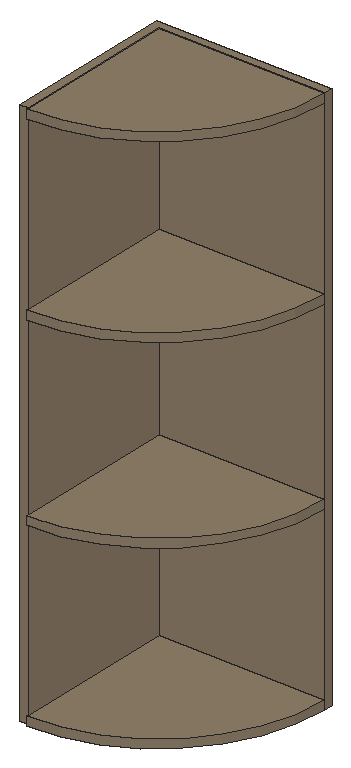
Revit family "Кухня верхние угловые полки", category Мебель, Revit 2019
Family settings
  Номер OmniClass = 23.40.20.00
  Заголовок OmniClass = General Furniture and Specialties
  На основе рабочей плоскости = Нет
  Всегда вертикально = Да
  При загрузке вырезать с полостями = Нет
  Общий = Нет
  Точка расчета площади = Нет
Parameters
  Полки 3шт.  ширина 300мм [instance] = yes
  Полки 3шт.  ширина 250мм [instance] = no
  Полки 3шт.  ширина 200мм [instance] = no
  Полки 3шт.  ширина 150мм [instance] = no
  Полки 3шт.  ширина 100мм [instance] = no
  Полки 2шт.  ширина 300мм [instance] = no
  Полки 2шт.  ширина 250мм [instance] = no
  Полки 2шт.  ширина 200мм [instance] = no
  Полки 2шт.  ширина 150мм [instance] = no
  Полки 2шт.  ширина 100мм [instance] = no
  Материал корпус = Материал корпус кухни
  Изготовитель = "Литвинчук Артур"
  Высота [instance] = 950 mm
  URL = "lytvynchukartur@gmail.com"
Reference planes
  plane 1 "По центру (Вперед/Назад)": y = 0
  plane 2: z = 0
  plane 3 "По центру (Влево/Вправо)": x = 0
  plane 4: x = 15
  plane 5: y = -15
  plane 6: x = 300
  plane 7: y = -295
  plane 8: z = 1460
  plane 9: z = 2410
  plane 10: z = 1475
  plane 11: z = 2395
  plane 12: z = 1935
  plane 13: z = 1927.5
  plane 14: z = 1942.5
  plane 15: z = 1776.667
  plane 16: z = 2093.333
  plane 17: z = 1769.167
  plane 18: z = 1784.167
  plane 19: z = 2085.833
  plane 20: z = 2100.833
  plane 21: x = 250
  plane 22: x = 200
  plane 23: x = 150
  plane 24: x = 100
Forms (mm)
  Extrusion 1, solid, material "Материал корпус кухни" <- "Материал корпус", visible <- "Полки 3шт.  ширина 300мм"
    sketch origin (0, 0, 0) x (1, 0, 0) y (0, 1, 0)
      loop
        line (0, 0) -> (0, -295) -> (15, -295) -> (15, -15) -> (300, -15) -> (300, 0) -> (0, 0)
    from 1460 to 2410
  Extrusion 2, solid, material "Материал корпус кухни" <- "Материал корпус", visible <- "Полки 3шт.  ширина 300мм"
    sketch origin (0, 0, 0) x (1, 0, 0) y (0, 1, 0)
      loop
        line (15, -15) -> (15, -300)
        arc (15, -300) -> (216.525, -216.525) -> (300, -15) r 285
        line (300, -15) -> (15, -15)
    from 1460 to 1475
  Extrusion 3, solid, material "Материал корпус кухни" <- "Материал корпус", visible <- "Полки 3шт.  ширина 300мм"
    sketch origin (-15, 0, 0) x (1, 0, 0) y (0, 1, 0)
      loop
        line (30, -15) -> (30, -299.598)
        arc (30, -299.598) -> (231.241, -216.241) -> (314.598, -15) r 284.598
        line (314.598, -15) -> (30, -15)
    from 2395 to 2410
  Extrusion 4, solid, material "Материал корпус кухни" <- "Материал корпус", visible <- "Полки 2шт.  ширина 300мм"
    sketch origin (0, 0, 0) x (1, 0, 0) y (0, 1, 0)
      loop
        line (15, -15) -> (15, -300)
        arc (15, -300) -> (216.525, -216.525) -> (300, -15) r 285
        line (300, -15) -> (15, -15)
    from 1927.5 to 1942.5
  Extrusion 5, solid, material "Материал корпус кухни" <- "Материал корпус", visible <- "Полки 3шт.  ширина 300мм"
    sketch origin (0, 0, 0) x (1, 0, 0) y (0, 1, 0)
      loop
        line (15, -15) -> (15, -300)
        arc (15, -300) -> (216.525, -216.525) -> (300, -15) r 285
        line (300, -15) -> (15, -15)
    from 2085.833 to 2100.833
  Extrusion 6, solid, material "Материал корпус кухни" <- "Материал корпус", visible <- "Полки 3шт.  ширина 300мм"
    sketch origin (0, 0, 0) x (1, 0, 0) y (0, 1, 0)
      loop
        line (15, -15) -> (15, -300)
        arc (15, -300) -> (216.525, -216.525) -> (300, -15) r 285
        line (300, -15) -> (15, -15)
    from 1769.167 to 1784.167
  Extrusion 7, solid, material "Материал корпус кухни" <- "Материал корпус", visible <- "Полки 2шт.  ширина 300мм"
    sketch origin (0, 0, 0) x (1, 0, 0) y (0, 1, 0)
      loop
        line (0, 0) -> (0, -295) -> (15, -295) -> (15, -15) -> (300, -15) -> (300, 0) -> (0, 0)
    from 1460 to 2410
  Extrusion 8, solid, material "Материал корпус кухни" <- "Материал корпус", visible <- "Полки 2шт.  ширина 300мм"
    sketch origin (0, 0, 0) x (1, 0, 0) y (0, 1, 0)
      loop
        line (15, -15) -> (15, -300)
        arc (15, -300) -> (216.525, -216.525) -> (300, -15) r 285
        line (300, -15) -> (15, -15)
    from 1460 to 1475
  Extrusion 9, solid, material "Материал корпус кухни" <- "Материал корпус", visible <- "Полки 2шт.  ширина 300мм"
    sketch origin (-15, 0, 0) x (1, 0, 0) y (0, 1, 0)
      loop
        line (30, -15) -> (30, -299.598)
        arc (30, -299.598) -> (231.241, -216.241) -> (314.598, -15) r 284.598
        line (314.598, -15) -> (30, -15)
    from 2395 to 2410
  Extrusion 10, solid, material "Материал корпус кухни" <- "Материал корпус", visible <- "Полки 2шт.  ширина 250мм"
    sketch origin (0, 0, 0) x (1, 0, 0) y (0, 1, 0)
      loop
        line (0, 0) -> (0, -295) -> (15, -295) -> (15, -15) -> (250, -15) -> (250, 0) -> (0, 0)
    from 1460 to 2410
  Extrusion 11, solid, material "Материал корпус кухни" <- "Материал корпус", visible <- "Полки 2шт.  ширина 250мм"
    sketch origin (0, 0, 0) x (1, 0, 0) y (0, 1, 0)
      loop
        line (15, -15) -> (15, -295)
        arc (15, -295) -> (187.558, -201.209) -> (250, -15) r 268.316
        line (250, -15) -> (15, -15)
    from 1460 to 1475
  Extrusion 12, solid, material "Материал корпус кухни" <- "Материал корпус", visible <- "Полки 2шт.  ширина 250мм"
    sketch origin (0, 0, 0) x (1, 0, 0) y (0, 1, 0)
      loop
        line (15, -15) -> (15, -295)
        arc (15, -295) -> (187.558, -201.209) -> (250, -15) r 268.316
        line (250, -15) -> (15, -15)
    from 2395 to 2410
  Extrusion 13, solid, material "Материал корпус кухни" <- "Материал корпус", visible <- "Полки 2шт.  ширина 250мм"
    sketch origin (0, 0, 0) x (1, 0, 0) y (0, 1, 0)
      loop
        line (15, -15) -> (15, -295)
        arc (15, -295) -> (187.558, -201.209) -> (250, -15) r 268.316
        line (250, -15) -> (15, -15)
    from 1927.5 to 1942.5
  Extrusion 14, solid, material "Материал корпус кухни" <- "Материал корпус", visible <- "Полки 3шт.  ширина 250мм"
    sketch origin (0, 0, 0) x (1, 0, 0) y (0, 1, 0)
      loop
        line (0, 0) -> (0, -295) -> (15, -295) -> (15, -15) -> (250, -15) -> (250, 0) -> (0, 0)
    from 1460 to 2410
  Extrusion 15, solid, material "Материал корпус кухни" <- "Материал корпус", visible <- "Полки 3шт.  ширина 250мм"
    sketch origin (0, 0, 0) x (1, 0, 0) y (0, 1, 0)
      loop
        line (15, -15) -> (15, -295)
        arc (15, -295) -> (187.558, -201.209) -> (250, -15) r 268.316
        line (250, -15) -> (15, -15)
    from 1460 to 1475
  Extrusion 16, solid, material "Материал корпус кухни" <- "Материал корпус", visible <- "Полки 3шт.  ширина 250мм"
    sketch origin (0, 0, 0) x (1, 0, 0) y (0, 1, 0)
      loop
        line (15, -15) -> (15, -295)
        arc (15, -295) -> (187.558, -201.209) -> (250, -15) r 268.316
        line (250, -15) -> (15, -15)
    from 1769.167 to 1784.167
  Extrusion 17, solid, material "Материал корпус кухни" <- "Материал корпус", visible <- "Полки 3шт.  ширина 250мм"
    sketch origin (0, 0, 0) x (1, 0, 0) y (0, 1, 0)
      loop
        line (15, -15) -> (15, -295)
        arc (15, -295) -> (187.558, -201.209) -> (250, -15) r 268.316
        line (250, -15) -> (15, -15)
    from 2395 to 2410
  Extrusion 18, solid, material "Материал корпус кухни" <- "Материал корпус", visible <- "Полки 3шт.  ширина 250мм"
    sketch origin (0, 0, 0) x (1, 0, 0) y (0, 1, 0)
      loop
        line (15, -15) -> (15, -295)
        arc (15, -295) -> (187.558, -201.209) -> (250, -15) r 268.316
        line (250, -15) -> (15, -15)
    from 2085.833 to 2100.833
  Extrusion 19, solid, material "Материал корпус кухни" <- "Материал корпус", visible <- "Полки 3шт.  ширина 200мм"
    sketch origin (0, 0, 0) x (1, 0, 0) y (0, 1, 0)
      loop
        line (0, 0) -> (0, -295) -> (15, -295) -> (15, -15) -> (200, -15) -> (200, 0) -> (0, 0)
    from 1460 to 2410
  Extrusion 20, solid, material "Материал корпус кухни" <- "Материал корпус", visible <- "Полки 3шт.  ширина 200мм"
    sketch origin (0, 0, 0) x (1, 0, 0) y (0, 1, 0)
      loop
        line (15, -15) -> (15, -295)
        arc (15, -295) -> (145.815, -240.815) -> (200, -110) r 185
        line (200, -110) -> (200, -15) -> (15, -15)
    from 1460 to 1475
  Extrusion 21, solid, material "Материал корпус кухни" <- "Материал корпус", visible <- "Полки 3шт.  ширина 200мм"
    sketch origin (0, 0, 0) x (1, 0, 0) y (0, 1, 0)
      loop
        line (15, -15) -> (15, -295)
        arc (15, -295) -> (145.815, -240.815) -> (200, -110) r 185
        line (200, -110) -> (200, -15) -> (15, -15)
    from 2395 to 2410
  Extrusion 22, solid, material "Материал корпус кухни" <- "Материал корпус", visible <- "Полки 3шт.  ширина 200мм"
    sketch origin (0, 0, 0) x (1, 0, 0) y (0, 1, 0)
      loop
        line (15, -15) -> (15, -295)
        arc (15, -295) -> (145.815, -240.815) -> (200, -110) r 185
        line (200, -110) -> (200, -15) -> (15, -15)
    from 1769.167 to 1784.167
  Extrusion 23, solid, material "Материал корпус кухни" <- "Материал корпус", visible <- "Полки 3шт.  ширина 200мм"
    sketch origin (0, 0, 0) x (1, 0, 0) y (0, 1, 0)
      loop
        line (15, -15) -> (15, -295)
        arc (15, -295) -> (145.815, -240.815) -> (200, -110) r 185
        line (200, -110) -> (200, -15) -> (15, -15)
    from 2085.833 to 2100.833
  Extrusion 24, solid, material "Материал корпус кухни" <- "Материал корпус", visible <- "Полки 2шт.  ширина 200мм"
    sketch origin (0, 0, 0) x (1, 0, 0) y (0, 1, 0)
      loop
        line (0, 0) -> (0, -295) -> (15, -295) -> (15, -15) -> (200, -15) -> (200, 0) -> (0, 0)
    from 1460 to 2410
  Extrusion 25, solid, material "Материал корпус кухни" <- "Материал корпус", visible <- "Полки 2шт.  ширина 200мм"
    sketch origin (0, 0, 0) x (1, 0, 0) y (0, 1, 0)
      loop
        line (15, -15) -> (15, -295)
        arc (15, -295) -> (145.815, -240.815) -> (200, -110) r 185
        line (200, -110) -> (200, -15) -> (15, -15)
    from 1460 to 1475
  Extrusion 26, solid, material "Материал корпус кухни" <- "Материал корпус", visible <- "Полки 2шт.  ширина 200мм"
    sketch origin (0, 0, 0) x (1, 0, 0) y (0, 1, 0)
      loop
        line (15, -15) -> (15, -295)
        arc (15, -295) -> (145.815, -240.815) -> (200, -110) r 185
        line (200, -110) -> (200, -15) -> (15, -15)
    from 2395 to 2410
  Extrusion 27, solid, material "Материал корпус кухни" <- "Материал корпус", visible <- "Полки 2шт.  ширина 200мм"
    sketch origin (0, 0, 0) x (1, 0, 0) y (0, 1, 0)
      loop
        line (15, -15) -> (15, -295)
        arc (15, -295) -> (145.815, -240.815) -> (200, -110) r 185
        line (200, -110) -> (200, -15) -> (15, -15)
    from 1927.5 to 1942.5
  Extrusion 28, solid, material "Материал корпус кухни" <- "Материал корпус", visible <- "Полки 3шт.  ширина 150мм"
    sketch origin (0, 0, 0) x (1, 0, 0) y (0, 1, 0)
      loop
        line (0, 0) -> (0, -295) -> (15, -295) -> (15, -15) -> (150, -15) -> (150, 0) -> (0, 0)
    from 1460 to 2410
  Extrusion 29, solid, material "Материал корпус кухни" <- "Материал корпус", visible <- "Полки 3шт.  ширина 150мм"
    sketch origin (0, 0, 0) x (1, 0, 0) y (0, 1, 0)
      loop
        line (15, -15) -> (15, -295)
        arc (15, -295) -> (111.555, -242.275) -> (150, -139.199) r 157.404
        line (150, -139.199) -> (150, -15) -> (15, -15)
    from 1460 to 1475
  Extrusion 30, solid, material "Материал корпус кухни" <- "Материал корпус", visible <- "Полки 3шт.  ширина 150мм"
    sketch origin (0, 0, 0) x (1, 0, 0) y (0, 1, 0)
      loop
        line (15, -15) -> (15, -295)
        arc (15, -295) -> (111.555, -242.275) -> (150, -139.199) r 157.404
        line (150, -139.199) -> (150, -15) -> (15, -15)
    from 2395 to 2410
  Extrusion 31, solid, material "Материал корпус кухни" <- "Материал корпус", visible <- "Полки 3шт.  ширина 150мм"
    sketch origin (0, 0, 0) x (1, 0, 0) y (0, 1, 0)
      loop
        line (15, -15) -> (15, -295)
        arc (15, -295) -> (111.555, -242.275) -> (150, -139.199) r 157.404
        line (150, -139.199) -> (150, -15) -> (15, -15)
    from 2085.833 to 2100.833
  Extrusion 32, solid, material "Материал корпус кухни" <- "Материал корпус", visible <- "Полки 3шт.  ширина 150мм"
    sketch origin (0, 0, 0) x (1, 0, 0) y (0, 1, 0)
      loop
        line (15, -15) -> (15, -295)
        arc (15, -295) -> (111.555, -242.275) -> (150, -139.199) r 157.404
        line (150, -139.199) -> (150, -15) -> (15, -15)
    from 1769.167 to 1784.167
  Extrusion 33, solid, material "Материал корпус кухни" <- "Материал корпус", visible <- "Полки 2шт.  ширина 150мм"
    sketch origin (0, 0, 0) x (1, 0, 0) y (0, 1, 0)
      loop
        line (0, 0) -> (0, -295) -> (15, -295) -> (15, -15) -> (150, -15) -> (150, 0) -> (0, 0)
    from 1460 to 2410
  Extrusion 34, solid, material "Материал корпус кухни" <- "Материал корпус", visible <- "Полки 2шт.  ширина 150мм"
    sketch origin (0, 0, 0) x (1, 0, 0) y (0, 1, 0)
      loop
        line (15, -15) -> (15, -295)
        arc (15, -295) -> (111.555, -242.275) -> (150, -139.199) r 157.404
        line (150, -139.199) -> (150, -15) -> (15, -15)
    from 1460 to 1475
  Extrusion 35, solid, material "Материал корпус кухни" <- "Материал корпус", visible <- "Полки 2шт.  ширина 150мм"
    sketch origin (0, 0, 0) x (1, 0, 0) y (0, 1, 0)
      loop
        line (15, -15) -> (15, -295)
        arc (15, -295) -> (111.555, -242.275) -> (150, -139.199) r 157.404
        line (150, -139.199) -> (150, -15) -> (15, -15)
    from 2395 to 2410
  Extrusion 36, solid, material "Материал корпус кухни" <- "Материал корпус", visible <- "Полки 2шт.  ширина 150мм"
    sketch origin (0, 0, 0) x (1, 0, 0) y (0, 1, 0)
      loop
        line (15, -15) -> (15, -295)
        arc (15, -295) -> (111.555, -242.275) -> (150, -139.199) r 157.404
        line (150, -139.199) -> (150, -15) -> (15, -15)
    from 1927.5 to 1942.5
  Extrusion 37, solid, material "Материал корпус кухни" <- "Материал корпус", visible <- "Полки 3шт.  ширина 100мм"
    sketch origin (0, 0, 0) x (1, 0, 0) y (0, 1, 0)
      loop
        line (0, 0) -> (0, -295) -> (15, -295) -> (15, -15) -> (100, -15) -> (100, 0) -> (0, 0)
    from 1460 to 2410
  Extrusion 38, solid, material "Материал корпус кухни" <- "Материал корпус", visible <- "Полки 3шт.  ширина 100мм"
    sketch origin (0, 0, 0) x (1, 0, 0) y (0, 1, 0)
      loop
        line (15, -15) -> (15, -295)
        arc (15, -295) -> (76.864, -242.661) -> (100, -165) r 141.912
        line (100, -165) -> (100, -15) -> (15, -15)
    from 1460 to 1475
  Extrusion 39, solid, material "Материал корпус кухни" <- "Материал корпус", visible <- "Полки 3шт.  ширина 100мм"
    sketch origin (0, 0, 0) x (1, 0, 0) y (0, 1, 0)
      loop
        line (15, -15) -> (15, -295)
        arc (15, -295) -> (76.864, -242.661) -> (100, -165) r 141.912
        line (100, -165) -> (100, -15) -> (15, -15)
    from 2085.833 to 2100.833
  Extrusion 40, solid, material "Материал корпус кухни" <- "Материал корпус", visible <- "Полки 3шт.  ширина 100мм"
    sketch origin (0, 0, 0) x (1, 0, 0) y (0, 1, 0)
      loop
        line (15, -15) -> (15, -295)
        arc (15, -295) -> (76.864, -242.661) -> (100, -165) r 141.912
        line (100, -165) -> (100, -15) -> (15, -15)
    from 2395 to 2410
  Extrusion 41, solid, material "Материал корпус кухни" <- "Материал корпус", visible <- "Полки 3шт.  ширина 100мм"
    sketch origin (0, 0, 0) x (1, 0, 0) y (0, 1, 0)
      loop
        line (15, -15) -> (15, -295)
        arc (15, -295) -> (76.864, -242.661) -> (100, -165) r 141.912
        line (100, -165) -> (100, -15) -> (15, -15)
    from 1769.167 to 1784.167
  Extrusion 42, solid, material "Материал корпус кухни" <- "Материал корпус", visible <- "Полки 2шт.  ширина 100мм"
    sketch origin (0, 0, 0) x (1, 0, 0) y (0, 1, 0)
      loop
        line (0, 0) -> (0, -295) -> (15, -295) -> (15, -15) -> (100, -15) -> (100, 0) -> (0, 0)
    from 1460 to 2410
  Extrusion 43, solid, material "Материал корпус кухни" <- "Материал корпус", visible <- "Полки 2шт.  ширина 100мм"
    sketch origin (0, 0, 0) x (1, 0, 0) y (0, 1, 0)
      loop
        line (15, -15) -> (15, -295)
        arc (15, -295) -> (76.864, -242.661) -> (100, -165) r 141.912
        line (100, -165) -> (100, -15) -> (15, -15)
    from 1460 to 1475
  Extrusion 44, solid, material "Материал корпус кухни" <- "Материал корпус", visible <- "Полки 2шт.  ширина 100мм"
    sketch origin (0, 0, 0) x (1, 0, 0) y (0, 1, 0)
      loop
        line (15, -15) -> (15, -295)
        arc (15, -295) -> (76.864, -242.661) -> (100, -165) r 141.912
        line (100, -165) -> (100, -15) -> (15, -15)
    from 2395 to 2410
  Extrusion 45, solid, material "Материал корпус кухни" <- "Материал корпус", visible <- "Полки 2шт.  ширина 100мм"
    sketch origin (0, 0, 0) x (1, 0, 0) y (0, 1, 0)
      loop
        line (15, -15) -> (15, -295)
        arc (15, -295) -> (76.864, -242.661) -> (100, -165) r 141.912
        line (100, -165) -> (100, -15) -> (15, -15)
    from 1927.5 to 1942.5
Dimensions and locks
  plane 1 "По центру (Вперед/Назад)" to plane 5 to plane 7 = 15 mm, 280 mm locked
  plane 3 "По центру (Влево/Вправо)" to plane 4 to plane 6 = 15 mm, 285 mm
  "Высота": plane 9 to plane 8
  locked: plane 10 to plane 8 at 15
  locked: plane 9 to plane 11 at 15
  equal spacing: plane 9, plane 12, plane 8
  plane 14 to plane 12 to plane 13 = 7.5 mm locked, 7.5 mm locked
  equal spacing: plane 9, plane 16, plane 15, plane 8
  plane 18 to plane 15 to plane 17 = 7.5 mm locked, 7.5 mm locked
  plane 20 to plane 16 to plane 19 = 7.5 mm locked, 7.5 mm locked
  aligned and locked: level to plane 2
  aligned and locked: Extrusion 1 to plane 3 "По центру (Влево/Вправо)"
  aligned and locked: Extrusion 1 to plane 1 "По центру (Вперед/Назад)"
  aligned and locked: Extrusion 1 to plane 5
  aligned and locked: plane 4 to Extrusion 1
  aligned and locked: plane 6 to Extrusion 1
  aligned and locked: Extrusion 1 to plane 7
  aligned and locked: Extrusion 1 to plane 8
  aligned and locked: plane 9 to Extrusion 1
  aligned and locked: Extrusion 2 sketch curve to plane 5
  aligned and locked: plane 4 to Extrusion 2 sketch curve
  aligned and locked: Extrusion 2 to plane 8
  aligned and locked: plane 10 to Extrusion 2
  aligned and locked: Extrusion 1 to Extrusion 3
  aligned and locked: Extrusion 3 to plane 11
  aligned and locked: Extrusion 4 to plane 14
  aligned and locked: Extrusion 4 to plane 13
  aligned and locked: Extrusion 6 to plane 17
  aligned and locked: Extrusion 6 to plane 18
  aligned and locked: Extrusion 5 to plane 20
  aligned and locked: Extrusion 5 to plane 19
  aligned and locked: Extrusion 7 to plane 8
  aligned and locked: plane 9 to Extrusion 7
  aligned and locked: Extrusion 9 to plane 11
  aligned and locked: plane 9 to Extrusion 9
  aligned and locked: plane 10 to Extrusion 8
  aligned and locked: Extrusion 8 to plane 8
  aligned and locked: plane 10 to Extrusion 11
  aligned and locked: Extrusion 11 to plane 8
  aligned and locked: plane 9 to Extrusion 12
  aligned and locked: Extrusion 12 to plane 11
  aligned and locked: Extrusion 13 to plane 13
  aligned and locked: Extrusion 13 to plane 14
  aligned and locked: plane 9 to Extrusion 10
  aligned and locked: Extrusion 10 to plane 8
  aligned and locked: plane 9 to Extrusion 14
  aligned and locked: Extrusion 14 to plane 8
  aligned and locked: plane 10 to Extrusion 15
  aligned and locked: Extrusion 15 to plane 8
  aligned and locked: plane 9 to Extrusion 17
  aligned and locked: Extrusion 17 to plane 11
  aligned and locked: Extrusion 18 to plane 20
  aligned and locked: Extrusion 18 to plane 19
  aligned and locked: Extrusion 16 to plane 18
  aligned and locked: Extrusion 16 to plane 17
  aligned and locked: plane 22 to Extrusion 19
  aligned and locked: plane 9 to Extrusion 19
  aligned and locked: Extrusion 19 to plane 8
  aligned and locked: plane 10 to Extrusion 20
  aligned and locked: Extrusion 20 to plane 8
  aligned and locked: plane 9 to Extrusion 21
  aligned and locked: Extrusion 21 to plane 11
  aligned and locked: Extrusion 22 to plane 17
  aligned and locked: Extrusion 22 to plane 18
  aligned and locked: Extrusion 23 to plane 19
  aligned and locked: Extrusion 23 to plane 20
  aligned and locked: Extrusion 27 to plane 14
  aligned and locked: Extrusion 27 to plane 13
  aligned and locked: plane 9 to Extrusion 24
  aligned and locked: Extrusion 24 to plane 8
  aligned and locked: plane 10 to Extrusion 25
  aligned and locked: Extrusion 25 to plane 8
  aligned and locked: plane 9 to Extrusion 26
  aligned and locked: Extrusion 26 to plane 11
  aligned and locked: plane 23 to Extrusion 28
  aligned and locked: Extrusion 28 to plane 8
  aligned and locked: plane 9 to Extrusion 28
  aligned and locked: plane 9 to Extrusion 30
  aligned and locked: Extrusion 30 to plane 11
  aligned and locked: Extrusion 29 to plane 8
  aligned and locked: plane 10 to Extrusion 29
  aligned and locked: Extrusion 31 to plane 20
  aligned and locked: Extrusion 31 to plane 19
  aligned and locked: Extrusion 32 to plane 17
  aligned and locked: Extrusion 32 to plane 18
  aligned and locked: Extrusion 36 to plane 13
  aligned and locked: Extrusion 36 to plane 14
  aligned and locked: plane 10 to Extrusion 34
  aligned and locked: Extrusion 34 to plane 8
  aligned and locked: plane 9 to Extrusion 35
  aligned and locked: Extrusion 35 to plane 11
  aligned and locked: Extrusion 33 to plane 8
  aligned and locked: plane 9 to Extrusion 33
  aligned and locked: plane 24 to Extrusion 37
  aligned and locked: plane 9 to Extrusion 37
  aligned and locked: Extrusion 37 to plane 8
  aligned and locked: Extrusion 38 to plane 8
  aligned and locked: plane 10 to Extrusion 38
  aligned and locked: plane 9 to Extrusion 40
  aligned and locked: Extrusion 40 to plane 11
  aligned and locked: Extrusion 41 to plane 18
  aligned and locked: Extrusion 41 to plane 17
  aligned and locked: Extrusion 39 to plane 20
  aligned and locked: Extrusion 39 to plane 19
  aligned and locked: Extrusion 42 to plane 8
  aligned and locked: plane 9 to Extrusion 42
  aligned and locked: plane 9 to Extrusion 44
  aligned and locked: Extrusion 44 to plane 11
  aligned and locked: plane 10 to Extrusion 43
  aligned and locked: Extrusion 43 to plane 8
  aligned and locked: Extrusion 45 to plane 14
  aligned and locked: Extrusion 45 to plane 13
Automatic sketch dimensions
  plane 1 "По центру (Вперед/Назад)" to Extrusion 1 sketch curve = 0 mm
  Extrusion 1 sketch curve to plane 3 "По центру (Влево/Вправо)" = 0 mm
  Extrusion 1 sketch curve to plane 4 = 0 mm
  Extrusion 1 sketch curve to plane 6 = 0 mm
  Extrusion 1 sketch curve to plane 7 = 0 mm
  Extrusion 1 sketch curve to plane 5 = 0 mm
  Extrusion 2 sketch curve to plane 6 = 0 mm
  Extrusion 3 sketch curve to plane 4 = 0 mm
  Extrusion 3 sketch curve to plane 5 = 0 mm
  Extrusion 3 sketch curve to plane 6 = 0.402 mm
  Extrusion 4 sketch curve to plane 4 = 0 mm
  Extrusion 4 sketch curve to plane 5 = 0 mm
  Extrusion 4 sketch curve to plane 6 = 0 mm
  Extrusion 5 sketch curve to plane 4 = 0 mm
  Extrusion 5 sketch curve to plane 5 = 0 mm
  Extrusion 5 sketch curve to plane 6 = 0 mm
  Extrusion 6 sketch curve to plane 4 = 0 mm
  Extrusion 6 sketch curve to plane 5 = 0 mm
  Extrusion 6 sketch curve to plane 6 = 0 mm
  plane 1 "По центру (Вперед/Назад)" to Extrusion 7 sketch curve = 0 mm
  Extrusion 7 sketch curve to plane 3 "По центру (Влево/Вправо)" = 0 mm
  Extrusion 7 sketch curve to plane 4 = 0 mm
  Extrusion 7 sketch curve to plane 6 = 0 mm
  Extrusion 7 sketch curve to plane 7 = 0 mm
  Extrusion 7 sketch curve to plane 5 = 0 mm
  Extrusion 8 sketch curve to plane 4 = 0 mm
  Extrusion 8 sketch curve to plane 5 = 0 mm
  Extrusion 8 sketch curve to plane 6 = 0 mm
  Extrusion 9 sketch curve to plane 4 = 0 mm
  Extrusion 9 sketch curve to plane 5 = 0 mm
  Extrusion 9 sketch curve to plane 6 = 0.402 mm
  plane 1 "По центру (Вперед/Назад)" to Extrusion 10 sketch curve = 0 mm
  Extrusion 10 sketch curve to plane 3 "По центру (Влево/Вправо)" = 0 mm
  Extrusion 10 sketch curve to plane 4 = 0 mm
  Extrusion 10 sketch curve to plane 21 = 0 mm
  Extrusion 10 sketch curve to plane 7 = 0 mm
  Extrusion 10 sketch curve to plane 5 = 0 mm
  Extrusion 11 sketch curve to plane 4 = 0 mm
  Extrusion 11 sketch curve to plane 5 = 0 mm
  Extrusion 11 sketch curve to plane 21 = 0 mm
  Extrusion 11 sketch curve to plane 7 = 0 mm
  Extrusion 11 sketch curve to plane 5 = 13.717 mm
  Extrusion 12 sketch curve to plane 4 = 0 mm
  Extrusion 12 sketch curve to plane 5 = 0 mm
  Extrusion 12 sketch curve to plane 21 = 0 mm
  Extrusion 12 sketch curve to plane 7 = 0 mm
  Extrusion 12 sketch curve to plane 5 = 13.717 mm
  Extrusion 13 sketch curve to plane 4 = 0 mm
  Extrusion 13 sketch curve to plane 5 = 0 mm
  Extrusion 13 sketch curve to plane 21 = 0 mm
  Extrusion 13 sketch curve to plane 7 = 0 mm
  Extrusion 13 sketch curve to plane 5 = 13.717 mm
  plane 1 "По центру (Вперед/Назад)" to Extrusion 14 sketch curve = 0 mm
  Extrusion 14 sketch curve to plane 3 "По центру (Влево/Вправо)" = 0 mm
  Extrusion 14 sketch curve to plane 4 = 0 mm
  Extrusion 14 sketch curve to plane 21 = 0 mm
  Extrusion 14 sketch curve to plane 7 = 0 mm
  Extrusion 14 sketch curve to plane 5 = 0 mm
  Extrusion 15 sketch curve to plane 4 = 0 mm
  Extrusion 15 sketch curve to plane 5 = 0 mm
  Extrusion 15 sketch curve to plane 21 = 0 mm
  Extrusion 15 sketch curve to plane 7 = 0 mm
  Extrusion 15 sketch curve to plane 5 = 13.717 mm
  Extrusion 16 sketch curve to plane 4 = 0 mm
  Extrusion 16 sketch curve to plane 5 = 0 mm
  Extrusion 16 sketch curve to plane 21 = 0 mm
  Extrusion 16 sketch curve to plane 7 = 0 mm
  Extrusion 16 sketch curve to plane 5 = 13.717 mm
  Extrusion 17 sketch curve to plane 4 = 0 mm
  Extrusion 17 sketch curve to plane 5 = 0 mm
  Extrusion 17 sketch curve to plane 21 = 0 mm
  Extrusion 17 sketch curve to plane 7 = 0 mm
  Extrusion 17 sketch curve to plane 5 = 13.717 mm
  Extrusion 18 sketch curve to plane 4 = 0 mm
  Extrusion 18 sketch curve to plane 5 = 0 mm
  Extrusion 18 sketch curve to plane 21 = 0 mm
  Extrusion 18 sketch curve to plane 7 = 0 mm
  Extrusion 18 sketch curve to plane 5 = 13.717 mm
  plane 1 "По центру (Вперед/Назад)" to Extrusion 19 sketch curve = 0 mm
  Extrusion 19 sketch curve to plane 3 "По центру (Влево/Вправо)" = 0 mm
  Extrusion 19 sketch curve to plane 4 = 0 mm
  Extrusion 19 sketch curve to plane 22 = 0 mm
  Extrusion 19 sketch curve to plane 7 = 0 mm
  Extrusion 19 sketch curve to plane 5 = 0 mm
  Extrusion 20 sketch curve to plane 4 = 0 mm
  Extrusion 20 sketch curve to plane 22 = 0 mm
  Extrusion 20 sketch curve to plane 7 = 0 mm
  Extrusion 20 sketch curve to plane 5 = 0 mm
  Extrusion 21 sketch curve to plane 4 = 0 mm
  Extrusion 21 sketch curve to plane 22 = 0 mm
  Extrusion 21 sketch curve to plane 7 = 0 mm
  Extrusion 21 sketch curve to plane 5 = 0 mm
  Extrusion 22 sketch curve to plane 4 = 0 mm
  Extrusion 22 sketch curve to plane 22 = 0 mm
  Extrusion 22 sketch curve to plane 7 = 0 mm
  Extrusion 22 sketch curve to plane 5 = 0 mm
  Extrusion 23 sketch curve to plane 4 = 0 mm
  Extrusion 23 sketch curve to plane 22 = 0 mm
  Extrusion 23 sketch curve to plane 7 = 0 mm
  Extrusion 23 sketch curve to plane 5 = 0 mm
  plane 1 "По центру (Вперед/Назад)" to Extrusion 24 sketch curve = 0 mm
  Extrusion 24 sketch curve to plane 3 "По центру (Влево/Вправо)" = 0 mm
  Extrusion 24 sketch curve to plane 4 = 0 mm
  Extrusion 24 sketch curve to plane 22 = 0 mm
  Extrusion 24 sketch curve to plane 7 = 0 mm
  Extrusion 24 sketch curve to plane 5 = 0 mm
  Extrusion 25 sketch curve to plane 4 = 0 mm
  Extrusion 25 sketch curve to plane 22 = 0 mm
  Extrusion 25 sketch curve to plane 7 = 0 mm
  Extrusion 25 sketch curve to plane 5 = 0 mm
  Extrusion 26 sketch curve to plane 4 = 0 mm
  Extrusion 26 sketch curve to plane 22 = 0 mm
  Extrusion 26 sketch curve to plane 7 = 0 mm
  Extrusion 26 sketch curve to plane 5 = 0 mm
  Extrusion 27 sketch curve to plane 4 = 0 mm
  Extrusion 27 sketch curve to plane 22 = 0 mm
  Extrusion 27 sketch curve to plane 7 = 0 mm
  Extrusion 27 sketch curve to plane 5 = 0 mm
  plane 1 "По центру (Вперед/Назад)" to Extrusion 28 sketch curve = 0 mm
  Extrusion 28 sketch curve to plane 3 "По центру (Влево/Вправо)" = 0 mm
  Extrusion 28 sketch curve to plane 4 = 0 mm
  Extrusion 28 sketch curve to plane 23 = 0 mm
  Extrusion 28 sketch curve to plane 7 = 0 mm
  Extrusion 28 sketch curve to plane 5 = 0 mm
  Extrusion 29 sketch curve to plane 4 = 0 mm
  Extrusion 29 sketch curve to plane 23 = 0 mm
  Extrusion 29 sketch curve to plane 7 = 0 mm
  Extrusion 29 sketch curve to plane 5 = 0 mm
  Extrusion 29 sketch curve to plane 3 "По центру (Влево/Вправо)" = 7.404 mm
  Extrusion 30 sketch curve to plane 4 = 0 mm
  Extrusion 30 sketch curve to plane 23 = 0 mm
  Extrusion 30 sketch curve to plane 7 = 0 mm
  Extrusion 30 sketch curve to plane 5 = 0 mm
  Extrusion 30 sketch curve to plane 3 "По центру (Влево/Вправо)" = 7.404 mm
  Extrusion 31 sketch curve to plane 4 = 0 mm
  Extrusion 31 sketch curve to plane 23 = 0 mm
  Extrusion 31 sketch curve to plane 7 = 0 mm
  Extrusion 31 sketch curve to plane 5 = 0 mm
  Extrusion 31 sketch curve to plane 3 "По центру (Влево/Вправо)" = 7.404 mm
  Extrusion 32 sketch curve to plane 4 = 0 mm
  Extrusion 32 sketch curve to plane 23 = 0 mm
  Extrusion 32 sketch curve to plane 7 = 0 mm
  Extrusion 32 sketch curve to plane 5 = 0 mm
  Extrusion 32 sketch curve to plane 3 "По центру (Влево/Вправо)" = 7.404 mm
  plane 1 "По центру (Вперед/Назад)" to Extrusion 33 sketch curve = 0 mm
  Extrusion 33 sketch curve to plane 3 "По центру (Влево/Вправо)" = 0 mm
  Extrusion 33 sketch curve to plane 4 = 0 mm
  Extrusion 33 sketch curve to plane 23 = 0 mm
  Extrusion 33 sketch curve to plane 7 = 0 mm
  Extrusion 33 sketch curve to plane 5 = 0 mm
  Extrusion 34 sketch curve to plane 4 = 0 mm
  Extrusion 34 sketch curve to plane 23 = 0 mm
  Extrusion 34 sketch curve to plane 7 = 0 mm
  Extrusion 34 sketch curve to plane 5 = 0 mm
  Extrusion 34 sketch curve to plane 3 "По центру (Влево/Вправо)" = 7.404 mm
  Extrusion 35 sketch curve to plane 4 = 0 mm
  Extrusion 35 sketch curve to plane 23 = 0 mm
  Extrusion 35 sketch curve to plane 7 = 0 mm
  Extrusion 35 sketch curve to plane 5 = 0 mm
  Extrusion 35 sketch curve to plane 3 "По центру (Влево/Вправо)" = 7.404 mm
  Extrusion 36 sketch curve to plane 4 = 0 mm
  Extrusion 36 sketch curve to plane 23 = 0 mm
  Extrusion 36 sketch curve to plane 7 = 0 mm
  Extrusion 36 sketch curve to plane 5 = 0 mm
  Extrusion 36 sketch curve to plane 3 "По центру (Влево/Вправо)" = 7.404 mm
  plane 1 "По центру (Вперед/Назад)" to Extrusion 37 sketch curve = 0 mm
  Extrusion 37 sketch curve to plane 3 "По центру (Влево/Вправо)" = 0 mm
  Extrusion 37 sketch curve to plane 4 = 0 mm
  Extrusion 37 sketch curve to plane 24 = 0 mm
  Extrusion 37 sketch curve to plane 7 = 0 mm
  Extrusion 37 sketch curve to plane 5 = 0 mm
  Extrusion 38 sketch curve to plane 4 = 0 mm
  Extrusion 38 sketch curve to plane 24 = 0 mm
  Extrusion 38 sketch curve to plane 7 = 0 mm
  Extrusion 38 sketch curve to plane 5 = 0 mm
  Extrusion 38 sketch curve to plane 3 "По центру (Влево/Вправо)" = 41.912 mm
  Extrusion 39 sketch curve to plane 4 = 0 mm
  Extrusion 39 sketch curve to plane 24 = 0 mm
  Extrusion 39 sketch curve to plane 7 = 0 mm
  Extrusion 39 sketch curve to plane 5 = 0 mm
  Extrusion 39 sketch curve to plane 3 "По центру (Влево/Вправо)" = 41.912 mm
  Extrusion 40 sketch curve to plane 4 = 0 mm
  Extrusion 40 sketch curve to plane 24 = 0 mm
  Extrusion 40 sketch curve to plane 7 = 0 mm
  Extrusion 40 sketch curve to plane 5 = 0 mm
  Extrusion 40 sketch curve to plane 3 "По центру (Влево/Вправо)" = 41.912 mm
  Extrusion 41 sketch curve to plane 4 = 0 mm
  Extrusion 41 sketch curve to plane 24 = 0 mm
  Extrusion 41 sketch curve to plane 7 = 0 mm
  Extrusion 41 sketch curve to plane 5 = 0 mm
  Extrusion 41 sketch curve to plane 3 "По центру (Влево/Вправо)" = 41.912 mm
  plane 1 "По центру (Вперед/Назад)" to Extrusion 42 sketch curve = 0 mm
  Extrusion 42 sketch curve to plane 7 = 0 mm
  Extrusion 42 sketch curve to plane 5 = 0 mm
  Extrusion 42 sketch curve to plane 6 = 300 mm
  Extrusion 42 sketch curve to Extrusion 42 sketch curve = 15 mm
  Extrusion 42 sketch curve to Extrusion 42 sketch curve = 85 mm
  Extrusion 43 sketch curve to plane 7 = 0 mm
  Extrusion 43 sketch curve to plane 5 = 0 mm
  Extrusion 43 sketch curve to plane 6 = 341.912 mm
  Extrusion 43 sketch curve to Extrusion 43 sketch curve = 56.912 mm
  plane 7 to Extrusion 43 sketch curve = 130 mm
  Extrusion 44 sketch curve to plane 7 = 0 mm
  Extrusion 44 sketch curve to plane 5 = 0 mm
  Extrusion 44 sketch curve to plane 6 = 341.912 mm
  Extrusion 44 sketch curve to Extrusion 44 sketch curve = 56.912 mm
  plane 7 to Extrusion 44 sketch curve = 130 mm
  Extrusion 45 sketch curve to plane 7 = 0 mm
  Extrusion 45 sketch curve to plane 5 = 0 mm
  Extrusion 45 sketch curve to plane 6 = 341.912 mm
  Extrusion 45 sketch curve to Extrusion 45 sketch curve = 56.912 mm
  plane 7 to Extrusion 45 sketch curve = 130 mm
